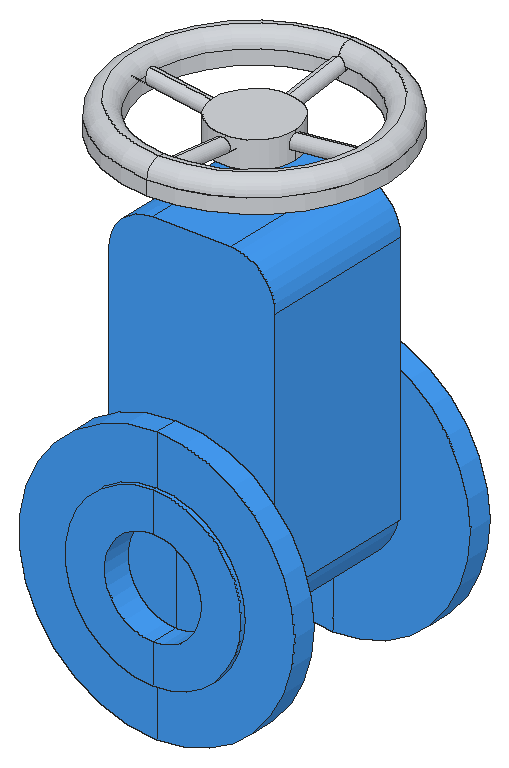
Revit family "ЗК РАШВОРК арт.101", category Арматура трубопроводов, Revit 2021
Family settings
  Размер круглого соединителя = Использовать диаметр
  Тип детали = Нормальный
  На основе рабочей плоскости = Нет
  Всегда вертикально = Да
  При загрузке вырезать с полостями = Нет
  Общий = Нет
Parameters (values of type "Задвижка с обрезиненным клином РАШВОРК 101-065-16, DN65, PN16, корпус - GJS-500-7 (GGG50), клин - GJS-500-7 (GGG50), уплотнение - EPDM, Ф/Ф, штурвал")
  Штурвал = Штурвал : 180
  Отметка по умолчанию = 0 mm
  Корпус = GGG40
  Длина = 341.992 mm
  Высота = L / 2  # 85 mm
  f = 3 mm
  V1 = 112 mm
  URL = "https://rwru.ru/"
  L2 = 16 mm
  L1 = 105 mm
  L = 170 mm
  HH = 28 mm
  H2 = 60 mm
  H1 = 200 mm
  H = 258 mm
  G = 118 mm
  DNсоединителя = 65 mm
  DN = 65 mm
  D1 = 45 mm
  D = 185 mm
  B = 19 mm
  ADSK_Примечание = ""
  ADSK_Наименование краткое = "101-065-16"
  ADSK_Наименование = "Задвижка с обрезиненным клином РАШВОРК 101-065-16, DN65, PN16, корпус - GJS-500-7 (GGG50), клин - GJS-500-7 (GGG50), уплотнение - EPDM, Ф/Ф, штурвал"
  ADSK_Масса = 12.5
  ADSK_Код изделия = ""
  ADSK_Завод-изготовитель = "ООО ТД \"РАШВОРК\""
  ADSK_Единица измерения = "шт"
Types (16, lengths in mm): name | Штурвал | Длина | Высота | f | V1 | L1 | L | H1 | H | G | DNсоединителя | DN | D1 | D | B | ADSK_Наименование краткое | ADSK_Наименование | ADSK_Масса | ADSK_Единица измерения
  (no name) | Штурвал : 180 | 341.992 | 85 | 3 | 112 | 105 | 170 | 200 | 258 | 118 | 65 | 65 | 45 | 185 | 19 | "101-065-16" | "Задвижка с обрезиненным клином РАШВОРК 101-065-16, DN65, PN16, корпус - GJS-500-7 (GGG50), клин - GJS-500-7 (GGG50), уплотнение - EPDM, Ф/Ф, штурвал" | 12.5 | "шт"
  Задвижка с обрезиненным клином РАШВОРК 101-040-16, DN40, PN16, корпус - GJS-500-7 (GGG50), клин - GJS-500-7 (GGG50), уплотнение - EPDM, Ф/Ф, штурвал | Штурвал : 160 | 341.992 | 70 | 3 | 112 | 60 | 140 | 148 | 230 | 84 | 40 | 40 | 30 | 150 | 19 | "101-040-16" | "Задвижка с обрезиненным клином РАШВОРК 101-040-16, DN40, PN16, корпус - GJS-500-7 (GGG50), клин - GJS-500-7 (GGG50), уплотнение - EPDM, Ф/Ф, штурвал" | 9.5 | "ШТ"
  Задвижка с обрезиненным клином РАШВОРК 101-050-16, DN50, PN16, корпус - GJS-500-7 (GGG50), клин - GJS-500-7 (GGG50), уплотнение - EPDM, Ф/Ф, штурвал | Штурвал : 180 | 400 | 75 | 3 | 126 | 42.421 | 150 | 166 | 236 | 99 | 50 | 50 | 35 | 165 | 19 | "101-050-16" | "Задвижка с обрезиненным клином РАШВОРК 101-050-16, DN50, PN16, корпус - GJS-500-7 (GGG50), клин - GJS-500-7 (GGG50), уплотнение - EPDM, Ф/Ф, штурвал" | 10 | "шт"
  Задвижка с обрезиненным клином РАШВОРК 101-065-16, DN65, PN16, корпус - GJS-500-7 (GGG50), клин - GJS-500-7 (GGG50), уплотнение - EPDM, Ф/Ф, штурвал | Штурвал : 180 | 341.992 | 85 | 3 | 112 | 105 | 170 | 200 | 258 | 118 | 65 | 65 | 45 | 185 | 19 | "101-065-16" | "Задвижка с обрезиненным клином РАШВОРК 101-065-16, DN65, PN16, корпус - GJS-500-7 (GGG50), клин - GJS-500-7 (GGG50), уплотнение - EPDM, Ф/Ф, штурвал" | 12.5 | "шт"
  Задвижка с обрезиненным клином РАШВОРК 101-080-16, DN80, PN16, корпус - GJS-500-7 (GGG50), клин - GJS-500-7 (GGG50), уплотнение - EPDM, Ф/Ф, штурвал | Штурвал : 200 | 341.992 | 90 | 3 | 160 | 125 | 180 | 218 | 289 | 132 | 80 | 80 | 52 | 200 | 19 | "101-080-16" | "Задвижка с обрезиненным клином РАШВОРК 101-080-16, DN80, PN16, корпус - GJS-500-7 (GGG50), клин - GJS-500-7 (GGG50), уплотнение - EPDM, Ф/Ф, штурвал" | 15.5 | "шт"
  Задвижка с обрезиненным клином РАШВОРК 101-100-16, DN100, PN16, корпус - GJS-500-7 (GGG50), клин - GJS-500-7 (GGG50), уплотнение - EPDM, Ф/Ф, штурвал | Штурвал : 250 | 341.992 | 95 | 3 | 180 | 120 | 190 | 254 | 319 | 156 | 100 | 100 | 60 | 220 | 19 | "101-100-16" | "Задвижка с обрезиненным клином РАШВОРК 101-100-16, DN100, PN16, корпус - GJS-500-7 (GGG50), клин - GJS-500-7 (GGG50), уплотнение - EPDM, Ф/Ф, штурвал" | 18.5 | "шт"
  Задвижка с обрезиненным клином РАШВОРК 101-125-16, DN125, PN16, корпус - GJS-500-7 (GGG50), клин - GJS-500-7 (GGG50), уплотнение - EPDM, Ф/Ф, штурвал | Штурвал : 280 | 341.992 | 100 | 3 | 230 | 130 | 200 | 289 | 361 | 184 | 125 | 125 | 80 | 250 | 19 | "101-125-16" | "Задвижка с обрезиненным клином РАШВОРК 101-125-16, DN125, PN16, корпус - GJS-500-7 (GGG50), клин - GJS-500-7 (GGG50), уплотнение - EPDM, Ф/Ф, штурвал" | 26.5 | "шт"
  Задвижка с обрезиненным клином РАШВОРК 101-150-16, DN150, PN16, корпус - GJS-500-7 (GGG50), клин - GJS-500-7 (GGG50), уплотнение - EPDM, Ф/Ф, штурвал | Штурвал : 280 | 341.992 | 105 | 3 | 260 | 130 | 210 | 330 | 398 | 211 | 150 | 150 | 90 | 285 | 19 | "101-150-16" | "Задвижка с обрезиненным клином РАШВОРК 101-150-16, DN150, PN16, корпус - GJS-500-7 (GGG50), клин - GJS-500-7 (GGG50), уплотнение - EPDM, Ф/Ф, штурвал" | 32 | "шт"
  Задвижка с обрезиненным клином РАШВОРК 101-200-16, DN200, PN16, корпус - GJS-500-7 (GGG50), клин - GJS-500-7 (GGG50), уплотнение - EPDM, Ф/Ф, штурвал | Штурвал : 340 | 341.992 | 115 | 3 | 310 | 150 | 230 | 409 | 492 | 266 | 200 | 200 | 110 | 340 | 20 | "101-200-16" | "Задвижка с обрезиненным клином РАШВОРК 101-200-16, DN200, PN16, корпус - GJS-500-7 (GGG50), клин - GJS-500-7 (GGG50), уплотнение - EPDM, Ф/Ф, штурвал" | 52 | "шт"
  Задвижка с обрезиненным клином РАШВОРК 101-250-16, DN250, PN16, корпус - GJS-500-7 (GGG50), клин - GJS-500-7 (GGG50), уплотнение - EPDM, Ф/Ф, штурвал | Штурвал : 340 | 341.992 | 125 | 3 | 370 | 170 | 250 | 476 | 571 | 319 | 250 | 250 | 125 | 405 | 22 | "101-250-16" | "Задвижка с обрезиненным клином РАШВОРК 101-250-16, DN250, PN16, корпус - GJS-500-7 (GGG50), клин - GJS-500-7 (GGG50), уплотнение - EPDM, Ф/Ф, штурвал" | 80 | "шт"
  Задвижка с обрезиненным клином РАШВОРК 101-300-16, DN300, PN16, корпус - GJS-500-7 (GGG50), клин - GJS-500-7 (GGG50), уплотнение - EPDM, Ф/Ф, штурвал | Штурвал : 400 | 341.992 | 135 | 4 | 410 | 170 | 270 | 544 | 663 | 370 | 300 | 300 | 164 | 460 | 24.5 | "101-300-16" | "Задвижка с обрезиненным клином РАШВОРК 101-300-16, DN300, PN16, корпус - GJS-500-7 (GGG50), клин - GJS-500-7 (GGG50), уплотнение - EPDM, Ф/Ф, штурвал" | 110 | "шт"
  Задвижка с обрезиненным клином РАШВОРК 101-350-16, DN350, PN16, корпус - GJS-500-7 (GGG50), клин - GJS-500-7 (GGG50), уплотнение - EPDM, Ф/Ф, штурвал | Штурвал : 450 | 341.992 | 145 | 4 | 530 | 210 | 290 | 724 | 800 | 429 | 350 | 350 | 198 | 520 | 26.5 | "101-350-16" | "Задвижка с обрезиненным клином РАШВОРК 101-350-16, DN350, PN16, корпус - GJS-500-7 (GGG50), клин - GJS-500-7 (GGG50), уплотнение - EPDM, Ф/Ф, штурвал" | 210 | "шт"
  Задвижка с обрезиненным клином РАШВОРК 101-400-16, DN400, PN16, корпус - GJS-500-7 (GGG50), клин - GJS-500-7 (GGG50), уплотнение - EPDM, Ф/Ф, штурвал | Штурвал : 450 | 341.992 | 155 | 4 | 595 | 210 | 310 | 762 | 880 | 480 | 400 | 400 | 220 | 580 | 28 | "101-400-16" | "Задвижка с обрезиненным клином РАШВОРК 101-400-16, DN400, PN16, корпус - GJS-500-7 (GGG50), клин - GJS-500-7 (GGG50), уплотнение - EPDM, Ф/Ф, штурвал" | 269 | "шт"
  Задвижка с обрезиненным клином РАШВОРК 101-450-16, DN450, PN16, корпус - GJS-500-7 (GGG50), клин - GJS-500-7 (GGG50), уплотнение - EPDM, Ф/Ф, штурвал | Штурвал : 450 | 341.992 | 165 | 4 | 630 | 220 | 330 | 810 | 958 | 548 | 450 | 450 | 235 | 640 | 30 | "101-450-16" | "Задвижка с обрезиненным клином РАШВОРК 101-450-16, DN450, PN16, корпус - GJS-500-7 (GGG50), клин - GJS-500-7 (GGG50), уплотнение - EPDM, Ф/Ф, штурвал" | 338 | "шт"
  Задвижка с обрезиненным клином РАШВОРК 101-500-16, DN500, PN16, корпус - GJS-500-7 (GGG50), клин - GJS-500-7 (GGG50), уплотнение - EPDM, Ф/Ф, штурвал | Штурвал : 600 | 341.992 | 175 | 4 | 700 | 284 | 350 | 932 | 1004 | 609 | 500 | 500 | 275 | 715 | 31.5 | "101-500-16" | "Задвижка с обрезиненным клином РАШВОРК 101-500-16, DN500, PN16, корпус - GJS-500-7 (GGG50), клин - GJS-500-7 (GGG50), уплотнение - EPDM, Ф/Ф, штурвал" | 442 | "шт"
  Задвижка с обрезиненным клином РАШВОРК 101-600-16, DN600, PN16, корпус - GJS-500-7 (GGG50), клин - GJS-500-7 (GGG50), уплотнение - EPDM, Ф/Ф, штурвал | Штурвал : 600 | 341.992 | 195 | 5 | 775 | 312 | 390 | 1052 | 1157 | 720 | 600 | 600 | 300 | 840 | 36 | "101-600-16" | "Задвижка с обрезиненным клином РАШВОРК 101-600-16, DN600, PN16, корпус - GJS-500-7 (GGG50), клин - GJS-500-7 (GGG50), уплотнение - EPDM, Ф/Ф, штурвал" | 660 | "шт"
Reference planes
  plane 1 "По центру (Вперед/Назад)": y = 28.789
  plane 2: z = 0
  plane 3 "По центру (Влево/Вправо)": x = 0
  plane 4: y = 113.789
  plane 5: y = -56.211
  plane 6: z = 92.5
  plane 7: z = 59
  plane 8: z = 32.5
  plane 9: z = -32.5
  plane 10: z = -92.5
  plane 11: y = 94.789
  plane 12: y = 110.789
  plane 13: z = 45
  plane 14: y = 81.289
  plane 15: y = -23.711
  plane 16: z = 200
  plane 17: x = 56
  plane 18: x = -56
  plane 19: z = -59
  plane 20: z = -45
  plane 21: z = 258
  plane 22: z = 272
  plane 23: z = 230
  plane 24: y = 403.513
  plane 25: y = -495
  plane 26: z = 0
  plane 27: z = -42.5
  plane 28: z = 42.5
  plane 29: y = 113.789
  plane 30: y = -56.211
Forms (mm)
  Revolve 1, solid, material "GGG40" <- "Корпус", detail levels fine
    sketch origin (0, 0, 0) x (0, 1, 0) y (0, 0, 1)
      loop
        line (113.789, 32.5) -> (113.789, 59) -> (110.789, 59) -> (110.789, 92.5) -> (94.789, 92.5) -> (94.789, 32.5) -> (113.789, 32.5)
      axis (113.789, 0) -> (94.789, 0)
    angle from 0 to 360
  Revolve 2, solid, material "GGG40" <- "Корпус", detail levels fine
    sketch origin (0, 0, 0) x (0, -1, 0) y (0, 0, -1)
      loop
        line (56.211, -32.5) -> (37.211, -32.5) -> (37.211, -92.5) -> (53.211, -92.5) -> (53.211, -59) -> (56.211, -59) -> (56.211, -32.5)
      axis (56.211, 0) -> (37.211, 0)
    angle from 0 to 360
  Revolve 3, solid, material "GGG40" <- "Корпус", detail levels fine
    sketch origin (0, 0, 0) x (0, 1, 0) y (0, 0, 1)
      loop
        line (94.789, 45) -> (-37.211, 45) -> (-37.211, 0) -> (94.789, 0) -> (94.789, 45)
      axis (94.789, 0) -> (-37.211, 0)
    angle from 0 to 360
  Extrusion 4, solid, material "GGG40" <- "Корпус", detail levels fine
    sketch origin (0, 28.789, 0) x (1, 0, 0) y (0, 0, 1)
      loop
        line (26, 200) -> (-26, 200)
        arc (-26, 200) -> (-47.213, 191.213) -> (-56, 170) r 30
        line (-56, 170) -> (-56, 0) -> (56, 0) -> (56, 170)
        arc (56, 170) -> (47.213, 191.213) -> (26, 200) r 30
    from -52.5 to 52.5
  Extrusion 5, solid, material "GGG40" <- "Корпус", detail levels fine
    sketch origin (0, 28.789, 0) x (1, 0, 0) y (0, 0, 1)
      loop
        line (56, 0) -> (-56, 0) -> (0, -45) -> (56, 0)
    from -52.5 to 52.5
  Extrusion 6, solid, detail levels fine
    sketch origin (0, 0, 0) x (1, 0, 0) y (0, 1, 0)
      loop
        circle (0, 28.789) r 8
    from 200 to 230
Lines and regions (mm)
  model lines, detail levels coarse+medium
    curve 1: line (0, 113.789, 42.5) -> (0, 28.789, 0)
    curve 2: line (0, 28.789, 0) -> (0, 113.789, -42.5)
    curve 3: line (0, 113.789, -42.5) -> (0, 113.789, 42.5)
    curve 4: line (0, -56.211, 42.5) -> (0, 28.789, 0)
    curve 5: line (0, 28.789, 0) -> (0, -56.211, -42.5)
    curve 6: line (0, -56.211, -42.5) -> (0, -56.211, 42.5)
    curve 7: line (0, 28.789, -42.5) -> (0, 28.789, 42.5)
Dimensions and locks
  equal spacing: plane 4, plane 1 "По центру (Вперед/Назад)", plane 5
  "L": plane 4 to plane 5
  equal spacing: plane 8, level, plane 9
  "DN": plane 8 to plane 9
  plane 7 to level = 59 mm
  equal spacing: plane 6, level, plane 10
  "D": plane 6 to plane 10
  "B": plane 4 to plane 11
  "f": plane 4 to plane 12
  "D1": plane 13 to level
  equal spacing: plane 14, plane 1 "По центру (Вперед/Назад)", plane 15
  "L1": plane 14 to plane 15
  "H1": plane 16 to level
  equal spacing: plane 18, plane 3 "По центру (Влево/Вправо)", plane 17
  "V1": plane 18 to plane 17
  "D1": plane 20 to level
  "H": plane 21 to level
  "HH": plane 21 to plane 23
  equal spacing: plane 7, level, plane 19
  "G": plane 7 to plane 19
  "f": Revolve 2 to plane 5
  "B": Revolve 2 to plane 5
  equal spacing: plane 28, plane 26, plane 27
  "Высота": plane 28 to plane 27
  equal spacing: plane 29, plane 1 "По центру (Вперед/Назад)", plane 30
  "L": plane 29 to plane 30
  "L2": diameter of Extrusion 6 sketch curve
  aligned and locked: level to plane 2
  aligned and locked: level to Revolve 1 sketch curve
  aligned and locked: plane 13 to Revolve 3 sketch curve
  aligned and locked: Revolve 3 sketch curve to plane 11
  aligned and locked: Revolve 3 sketch curve to level
  aligned and locked: Revolve 2 to Revolve 3 sketch curve
  aligned and locked: plane 16 to Extrusion 4 sketch curve
  aligned and locked: Extrusion 4 sketch curve to plane 17
  aligned and locked: Extrusion 4 sketch curve to plane 2
  aligned and locked: plane 18 to Extrusion 4 sketch curve
  aligned and locked: Extrusion 4 to plane 14
  aligned and locked: plane 15 to Extrusion 4
  aligned and locked: level to Extrusion 5 sketch curve
  aligned and locked: plane 20 to Extrusion 5 sketch curve
  aligned and locked: Extrusion 5 to plane 14
  aligned and locked: plane 15 to Extrusion 5
  aligned and locked: plane 3 "По центру (Влево/Вправо)" to Extrusion 6 sketch curve
  aligned and locked: plane 1 "По центру (Вперед/Назад)" to Extrusion 6 sketch curve
  aligned and locked: Extrusion 6 to plane 16
  aligned and locked: plane 23 to Extrusion 6
  aligned and locked: plane 3 "По центру (Влево/Вправо)" to nested 1
  aligned and locked: plane 1 "По центру (Вперед/Назад)" to nested 1
  aligned and locked: plane 21 to nested 1
  aligned and locked: Revolve 2 sketch curve to plane 7
  aligned and locked: level to Extrusion 5
  aligned and locked: plane 27 to curve 2
  aligned and locked: plane 1 "По центру (Вперед/Назад)" to curve 2
  aligned and locked: curve 3 to plane 29
  aligned and locked: level to plane 26
  aligned and locked: plane 1 "По центру (Вперед/Назад)" to curve 7
  aligned and locked: level to curve 5
Automatic sketch dimensions
  Revolve 1 sketch curve to plane 8 = 0 mm
  Revolve 1 sketch curve to plane 11 = 0 mm
  Revolve 1 sketch curve to plane 6 = 0 mm
  Revolve 1 sketch curve to plane 12 = 0 mm
  Revolve 1 sketch curve to plane 4 = 0 mm
  Revolve 1 sketch curve to plane 7 = 0 mm
  plane 5 to Revolve 1 sketch curve = 180 mm
  Revolve 1 sketch curve to plane 4 = 60 mm
  Extrusion 4 sketch curve to plane 3 "По центру (Влево/Вправо)" = 26 mm
  plane 3 "По центру (Влево/Вправо)" to Extrusion 4 sketch curve = 26 mm
  plane 18 to Extrusion 5 sketch curve = 0 mm
  Extrusion 5 sketch curve to plane 3 "По центру (Влево/Вправо)" = 0 mm
  plane 17 to Extrusion 5 sketch curve = 0 mm
  Revolve 2 sketch curve to level = 0 mm
  Revolve 2 sketch curve to plane 8 = 0 mm
  Revolve 2 sketch curve to plane 6 = 0 mm
  Revolve 2 sketch curve to plane 5 = 0 mm
  Revolve 2 sketch curve to plane 5 = 3 mm
  plane 15 to Revolve 2 sketch curve = 13.5 mm
  Revolve 2 sketch curve to plane 29 = 26.211 mm
  plane 5 to Revolve 2 sketch curve = 60 mm
  Revolve 3 sketch curve to level = 0 mm
  Revolve 3 sketch curve to plane 30 = 14.789 mm
  Revolve 3 sketch curve to plane 4 = 76 mm
  curve 6 to plane 27 = 0 mm
  curve 6 to plane 30 = 0 mm
  curve 1 to plane 28 = 0 mm
  curve 6 to plane 28 = 0 mm
  curve 7 to plane 28 = 0 mm
  curve 7 to plane 27 = 0 mm
Nested families
  nested 1: "Штурвал" at (0, 28.789, 248), type <- "Штурвал", type "180", detail levels fine
Connectors
  piping at (0, -56.211, 0), diameter 65, driven by "DNсоединителя"
    settings: on Revolve 2, index 1, connector inside diameter 609.6 mm, connector length 0 mm, flow factor 0, pipe flow 0.0 L/s, pressure drop 0.0 Pa, fitting loss kfactor 0, connector angle 0.00°, fixture units 0, engagement length 0 mm, angle of deflection 0.00°, flow configuration 0, flow direction 0, fitting loss method 0, system type 7, joint type 0, gender type 0, connector reference index -1, connector utility 0, adjustable connector no, is connector primary yes, connector description ""
  piping at (0, 113.789, 0), diameter 65, driven by "DNсоединителя"
    settings: on Revolve 1, index 2, connector inside diameter 609.6 mm, connector length 0 mm, flow factor 0, pipe flow 0.0 L/s, pressure drop 0.0 Pa, fitting loss kfactor 0, connector angle 0.00°, fixture units 0, engagement length 0 mm, angle of deflection 0.00°, flow configuration 0, flow direction 0, fitting loss method 0, system type 7, joint type 0, gender type 0, connector reference index -1, connector utility 0, adjustable connector no, is connector primary no, connector description ""
Definition of nested family "Штурвал"
  Parameters (values of type "600")
    Default Elevation = 0 mm
    Н = 18 mm
    Б = 20 mm
    А = 20 mm
    Lспицы = 60.024 mm
    DH = 55 mm
    C = 600 mm
    A2 = 10 mm
  Types (9, lengths in mm): name | C
    160 | 160
    180 | 180
    200 | 200
    250 | 250
    280 | 280
    340 | 340
    400 | 400
    450 | 450
    600 | 600
  Reference planes
    plane 1 "По центру (Вперед/Назад)": y = 0
    plane 2: z = 0
    plane 3 "По центру (Влево/Вправо)": x = 0
    plane 4: y = -300
    plane 5: y = 300
    plane 6: z = 10
    plane 7: z = -10
    plane 8: y = 280
    plane 9: y = 280.024
    plane 10: z = -18
    plane 11: y = 290
    plane 12: x = -300
    plane 13: x = 300
    plane 14: x = -290
  Forms (mm)
    Revolve 1, solid
      sketch origin (0, 0, 0) x (0, 1, 0) y (0, 0, 1)
        loop
          line (300, -10) -> (300, 0)
          arc (300, 0) -> (297.071, 7.071) -> (290, 10) r 10
          arc (290, 10) -> (282.929, 7.071) -> (280, 0) r 10
          line (280, 0) -> (280, -10) -> (300, -10)
        axis (0, 10) -> (0, -10)
      angle from 0 to 360
    Extrusion 2, solid
      sketch origin (0, 0, 0) x (1, 0, 0) y (0, 1, 0)
        loop
          circle (0, 0) r 27.5
      from 0 to -18
    Sweep 3, solid
      path origin (0, 0, 0) x (0, 1, 0) y (0, 0, 1)
        loop
          line (290, 0) -> (0, -10)
      profile origin (0, 145, -5) x (0, 0.034462, -0.999406) y (1, 0, 0)
        loop
          circle (0, 0) r 5
    Sweep 4, solid
      path origin (0, 0, 0) x (0, -1, 0) y (0, 0, -1)
        loop
          line (290, 0) -> (0, 10)
      profile origin (0, -145, -5) x (0, 0.034462, 0.999406) y (1, 0, 0)
        loop
          circle (0, 0) r 5
    Sweep 5, solid
      path origin (0, 0, 0) x (1, 0, 0) y (0, 0, 1)
        loop
          line (-290, 0) -> (0, -10)
      profile origin (-145, 0, -5) x (0.034462, 0, 0.999406) y (0, -1, 0)
        loop
          circle (0, 0) r 5
    Sweep 6, solid
      path origin (0, 0, 0) x (-1, 0, 0) y (0, 0, -1)
        loop
          line (-290, 0) -> (0, 10)
      profile origin (145, 0, -5) x (0.034462, 0, -0.999406) y (0, -1, 0)
        loop
          circle (0, 0) r 5
  Dimensions and locks
    equal spacing: plane 5, plane 1 "По центру (Вперед/Назад)", plane 4
    "C": plane 5 to plane 4
    equal spacing: plane 6, level, plane 7
    "Б": plane 5 to plane 8
    "А": plane 6 to plane 7
    plane 5 to plane 9 = 19.976 mm
    "Н": level to plane 10
    "A2": plane 5 to plane 11
    equal spacing: plane 12, plane 3 "По центру (Влево/Вправо)", plane 13
    "C": plane 12 to plane 13
    "A2": plane 12 to plane 14
    "DH": diameter of Extrusion 2 sketch curve
    aligned and locked: level to plane 2
    aligned and locked: plane 7 to Revolve 1 sketch curve
    aligned and locked: Revolve 1 sketch curve to plane 8
    aligned and locked: plane 5 to Revolve 1 sketch curve
    aligned and locked: plane 3 "По центру (Влево/Вправо)" to Extrusion 2 sketch curve
    aligned and locked: plane 1 "По центру (Вперед/Назад)" to Extrusion 2 sketch curve
    aligned and locked: Extrusion 2 to plane 10
    aligned and locked: plane 11 to Sweep 3 sketch curve
    aligned and locked: plane 1 "По центру (Вперед/Назад)" to Sweep 3 sketch curve
  Automatic sketch dimensions
    Revolve 1 sketch curve to Revolve 1 sketch curve = 0 mm  (x2)
    Revolve 1 sketch curve to plane 1 "По центру (Вперед/Назад)" = 0 mm
    Revolve 1 sketch curve to level = 0 mm
    Revolve 1 sketch curve to plane 11 = 0 mm
    Revolve 1 sketch curve to plane 10 = 196.092 mm
    plane 6 to Revolve 1 sketch curve = 60 mm
    Sweep 3 sketch curve to plane 7 = 0 mm
    Sweep 3 sketch curve to level = 0 mm
    Sweep 3 sketch curve to plane 3 "По центру (Влево/Вправо)" = 0 mm
    Sweep 3 sketch curve to profile plane = 0 mm
    Sweep 4 sketch curve to plane 1 "По центру (Вперед/Назад)" = 0 mm
    Sweep 4 sketch curve to level = 0 mm
    Sweep 4 sketch curve to plane 7 = 0 mm
    Sweep 4 sketch curve to plane 4 = 10 mm
    Sweep 4 sketch curve to plane 3 "По центру (Влево/Вправо)" = 0 mm
    Sweep 4 sketch curve to profile plane = 0 mm
    Sweep 5 sketch curve to level = 0 mm
    plane 14 to Sweep 5 sketch curve = 0 mm
    Sweep 5 sketch curve to plane 3 "По центру (Влево/Вправо)" = 0 mm
    Sweep 5 sketch curve to plane 7 = 0 mm
    Sweep 5 sketch curve to plane 1 "По центру (Вперед/Назад)" = 0 mm
    Sweep 5 sketch curve to profile plane = 0 mm
    Sweep 6 sketch curve to level = 0 mm
    Sweep 6 sketch curve to plane 3 "По центру (Влево/Вправо)" = 0 mm
    Sweep 6 sketch curve to plane 7 = 0 mm
    plane 13 to Sweep 6 sketch curve = 10 mm
    Sweep 6 sketch curve to plane 1 "По центру (Вперед/Назад)" = 0 mm
    Sweep 6 sketch curve to profile plane = 0 mm
    radius of Sweep 3 sketch curve = 5 mm
    radius of Sweep 4 sketch curve = 5 mm
    radius of Sweep 5 sketch curve = 5 mm
    radius of Sweep 6 sketch curve = 5 mm
